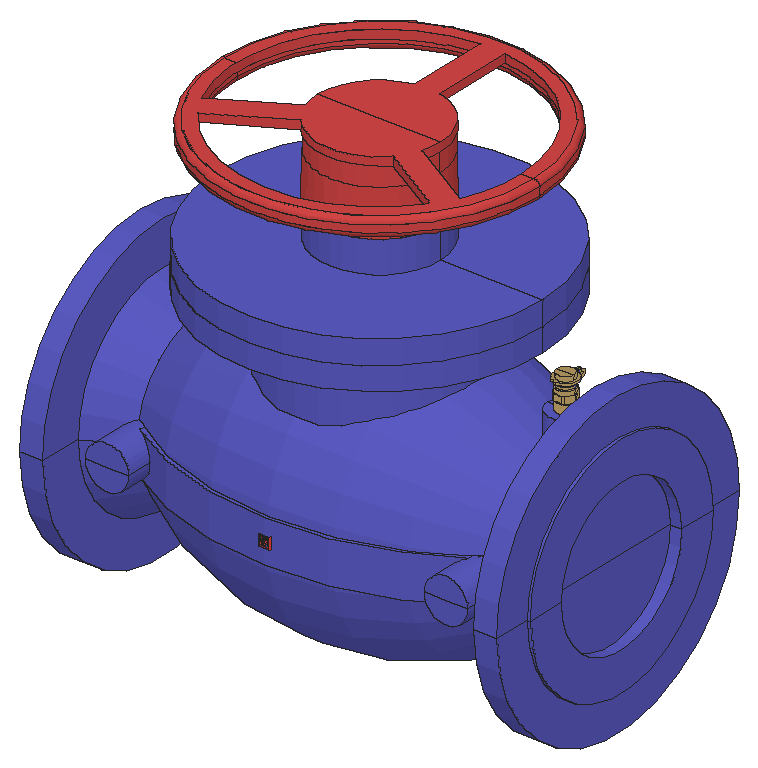
Revit family "Strangregulierventil für Differenzdruckmessung, Geradsitzform 4218 GF", category Rohrzubehör, Revit 2021
Family settings
  Bemaßung runder Anschluss = Durchmesser verwenden
  Teiletyp = Unterbricht
  OmniClass-Nummer = 23.65.55.14
  OmniClass-Titel = Valves for Liquid Services
  Arbeitsebenenbasiert = Nein
  Immer vertikal = Ja
  Beim Laden mit Abzugskörper schneiden = Nein
  Gemeinsam genutzt = Nein
Parameters
  kvs-Wert [instance] = if(Nennweite = 50.00 mm, 34.96, if(Nennweite = 65.00 mm, 66.94, if(Nennweite = 80.00 mm, 106.78, if(Nennweite = 100.00 mm, 169.45, if(Nennweite = 125.00 mm, 255.79, if(Nennweite = 150.00 mm, 389.54, if(Nennweite = 200.00 mm, 676.33, if(Nennweite = 250.00 mm, 1082.72, if(Nennweite = 300.00 mm, 1784.91, 0)))))))))  # 255.79
  Zählvorrichtung = "Kunststoff"  # constant formula
  W02 = 60.00°  # constant formula
  W01 = 85.00°  # constant formula
  Vorgabe-Ansicht = 0.00 mm
  Ventilkegel = "Grauguss GJL 250 nach EN 1561/ EPDM beschichtet"  # constant formula
  S01 [instance] = Nennweite + 10.00 mm  # 135.00 mm
  Regulierspindel = "Messing / Edelstahl"  # constant formula
  Oberteil = "Grauguss GJL 250 nach EN 1561"  # constant formula
  Spindel (bis DN100) = "Messing"  # constant formula
  O-Ringe = "EPDM"  # constant formula
  Gehäuse = "Grauguss GJL 250 nach EN 1561"  # constant formula
  URL = "www.herz-armaturen.at"
  SCRNSEQ = "ARM;ARM_TYP=\"STRV\";2"
  SCRNCODE = "05;07;02"  # constant formula
  R02 [instance] = size_lookup("4218_GF_", "R2", 1.00 mm, Nennweite)  # 15.00 mm
  R01 [instance] = size_lookup("4218_GF_", "R1", 1.00 mm, Nennweite)  # 18.00 mm
  Spindel (ab DN125) = "Edelstahl"  # constant formula
  Nennweite [instance] = 125.00 mm
  Medium = "Heizwasserqualität entsprechend ÖNORM H 5195 bzw. VDI Richtlinie 2035.\r\nEthylen und Propylenglykol können in einem Verhältnis von 25-50 vol. [%] gemischt werden."
  Max. Betriebstemperatur = 110 °C  # constant formula
  Min. Betriebstemperatur = -10 °C  # constant formula
  Max. Betriebsdruck = 1600000.0 Pa  # constant formula
  L04 [instance] = size_lookup("4218_GF_", "L4", 1.00 mm, Nennweite)  # 154.00 mm
  L03 [instance] = if(Nennweite = 50.00 mm, 48.00 mm, if(Nennweite = 65.00 mm, 52.00 mm, if(Nennweite = 80.00 mm, 60.00 mm, if(Nennweite = 100.00 mm, 75.00 mm, 15.00 mm))))  # 15.00 mm
  L02 [instance] = size_lookup("4218_GF_", "L2", 1.00 mm, Nennweite)  # 140.00 mm
  L01 [instance] = size_lookup("4218_GF_", "L1", 1.00 mm, Nennweite)  # 145.00 mm
  L00 [instance] = size_lookup("4218_GF_", "L", 1.00 mm, Nennweite)  # 400.00 mm
  Hersteller = "HERZ Armaturen Ges.m.b.H."  # constant formula
  H09 [instance] = H08 + H02  # 200.00 mm
  H08 [instance] = size_lookup("4218_GF_", "H8", 1.00 mm, Nennweite)  # 46.00 mm
  H07 [instance] = H02 + H06  # 174.00 mm
  H06 [instance] = size_lookup("4218_GF_", "H6", 1.00 mm, Nennweite)  # 20.00 mm
  H05 [instance] = size_lookup("4218_GF_", "H5", 1.00 mm, Nennweite)  # 100.00 mm
  H04 [instance] = H02 - H03  # 135.00 mm
  H03 [instance] = size_lookup("4218_GF_", "H3", 1.00 mm, Nennweite)  # 19.00 mm
  H02 [instance] = size_lookup("4218_GF_", "H2", 1.00 mm, Nennweite)  # 154.00 mm
  H01 [instance] = size_lookup("4218_GF_", "H1", 1.00 mm, Nennweite)  # 106.00 mm
  GT = 10.00 mm  # constant formula
  FLL02 [instance] = size_lookup("4218_GF_", "FLL2", 1.00 mm, Nennweite)  # 19.00 mm
  FLL01 [instance] = size_lookup("4218_GF_", "FLL1", 1.00 mm, Nennweite)  # 3.00 mm
  FLD03 [instance] = size_lookup("4218_GF_", "FLD3", 1.00 mm, Nennweite)  # 69.90 mm
  FLD02 [instance] = size_lookup("4218_GF_", "FLD2", 1.00 mm, Nennweite)  # 89.00 mm
  FLD01 [instance] = size_lookup("4218_GF_", "FLD1", 1.00 mm, Nennweite)  # 94.00 mm
  FLD00 [instance] = size_lookup("4218_GF_", "FLD", 1.00 mm, Nennweite)  # 125.00 mm
  Differenzdruckmessnung = "Das Strömax GF Strangregulierventil ist mit zwei Schnellmessventilen ausgestattet:\r\nBei Verwendung eines geeigneten Messgerätes kann der Differenzdruck gemessen und dadurch die jeweilige Durchflussmenge in Abhängigkeit der Einstellstufe ermittelt werden.\r\nAn den HERZ Messcomputern ist außerdem direkt die jeweilige Durchflussmenge ablesbar (siehe Gerätehandbuch).\r\nBei Verwendung von Frostschutzmittel ändert sich die Dichte des Medium, die bei Differenzdruckmessungen entsprechend zu berücksichtigen ist."
  DN80-DN100 [instance] = or(Nennweite = 80.00 mm, Nennweite = 100.00 mm)  # no
  DN80 [instance] = Nennweite = 80.00 mm  # no
  DN65 [instance] = Nennweite = 65.00 mm  # no
  DN50-DN65 [instance] = or(Nennweite = 50.00 mm, Nennweite = 65.00 mm)  # no
  DN50-DN100 [instance] = or(Nennweite = 50.00 mm, Nennweite = 65.00 mm, Nennweite = 80.00 mm, Nennweite = 100.00 mm)  # no
  DN50 [instance] = Nennweite = 50.00 mm  # no
  DN300 [instance] = Nennweite = 300.00 mm  # no
  DN250 [instance] = Nennweite = 250.00 mm  # no
  DN200-DN300 [instance] = or(Nennweite = 200.00 mm, Nennweite = 250.00 mm, Nennweite = 300.00 mm)  # no
  DN200 [instance] = Nennweite = 200.00 mm  # no
  DN150 [instance] = Nennweite = 150.00 mm  # no
  DN125-DN300 [instance] = or(Nennweite = 125.00 mm, Nennweite = 150.00 mm, Nennweite = 200.00 mm, Nennweite = 250.00 mm, Nennweite = 300.00 mm)  # yes
  DN125-DN150 [instance] = or(Nennweite = 125.00 mm, Nennweite = 150.00 mm)  # yes
  DN125 [instance] = Nennweite = 125.00 mm  # yes
  DN100 [instance] = Nennweite = 100.00 mm  # no
  D03 [instance] = size_lookup("4218_GF_", "D3", 1.00 mm, Nennweite)  # 50.50 mm
  D02 [instance] = size_lookup("4218_GF_", "D2", 1.00 mm, Nennweite)  # 135.00 mm
  D01 [instance] = size_lookup("4218_GF_", "D1", 1.00 mm, Nennweite)  # 86.00 mm
  D00 [instance] = size_lookup("4218_GF_", "D", 1.00 mm, Nennweite)  # 117.00 mm
  Bestellnummer [instance] = size_lookup("4218_GF_", "Artnr", 0, Nennweite)  # 1421884
  BH02 [instance] = -BH01  # -17.50 mm
  BH01 [instance] = size_lookup("4218_GF_", "BH1", 1.00 mm, Nennweite)  # 17.50 mm
  Ausführung = "Geradsitzform, Gehäuse Grauguss GJL 250 nach EN 1561, Flansche nach EN 1092, PN 16, blau lackiert.\r\nVentiloberteil Grauguss GJL 250, mit nicht steigender Spindel, Spindelabdichtung durch Drei-fach-O-Ring.\r\nDigitale Anzeige der Voreinstellstuffe."
  Anwendungen = "Zum hydraulischenAbgleich in Heiz- oder Kühlanlagen, Einregulieren und Absperren von Verteilleitungen, Strängen, Wärmetauschern, Heiz- und Kühlregistern."
  Anschluss [instance] = Nennweite / 2  # 62.50 mm
Reference planes
  plane 1 "Mitte (Vorne/hinten)": y = 0
  plane 2: z = 0
  plane 3 "Mitte (Links/rechts)": x = 0
Forms (mm)
  Revolve 1, solid, material "Herz-Marineblau", detail levels fine
    sketch origin (1058.943, 0, 0) x (1, 0, 0) y (0, 1, 0)
      loop
        line (-1255.943, 125) -> (-1255.943, 94) -> (-1258.943, 94) -> (-1258.943, 62.5) -> (-1248.943, 62.5) -> (-1248.943, 0) -> (-868.943, 0) -> (-868.943, 62.5) -> (-858.943, 62.5) -> (-858.943, 94) -> (-861.943, 94) -> (-861.943, 125) -> (-880.943, 125) -> (-880.943, 89) -> (-913.943, 69.9)
        arc (-913.943, 69.9) -> (-1058.943, 117) -> (-1203.943, 69.9) r 246.745
        line (-1203.943, 69.9) -> (-1236.943, 89) -> (-1236.943, 125) -> (-1255.943, 125)
      axis (-1258.943, 0) -> (-858.943, 0)
    angle from 0 to 360
  Revolve 2, solid, material "Herz-Marineblau", detail levels fine
    sketch origin (0, 0, 0) x (1, 0, 0) y (0, 1, 0)
      loop
        line (-140, 106) -> (-158, 106) -> (-158, -106) -> (-140, -106) -> (-140, 106)
      axis (-140, 106) -> (-140, -106)
    angle from 0 to 360
  Revolve 3, solid, material "Herz-Marineblau", detail levels fine
    sketch origin (0, 0, 0) x (-1, 0, 0) y (0, 1, 0)
      loop
        line (-140, 106) -> (-158, 106) -> (-158, -106) -> (-140, -106) -> (-140, 106)
      axis (-140, 106) -> (-140, -106)
    angle from 0 to 360
  Revolve 4, solid, material "Herz-Marineblau", visible <- "DN125-DN300", detail levels fine
    sketch origin (0, 0, 0) x (1, 0, 0) y (0, 0, 1)
      loop
        line (0, 0) -> (0, 154) -> (-135, 154) -> (-135, 135) -> (-86, 135) -> (-86, 0) -> (0, 0)
      axis (0, 154) -> (0, 0)
    angle from 0 to 360
  Revolve 5, solid, material "Herz-Marineblau", visible <- "DN50-DN100", detail levels fine
    sketch origin (0, 0, 0) x (1, 0, 0) y (0, 0, 1)
      loop
        line (0, 0) -> (0, 135) -> (-86, 135) -> (-86, 0) -> (0, 0)
      axis (0, 135) -> (0, 0)
    angle from 0 to 360
  Extrusion 6, solid, material "Herz-Marineblau", visible <- "DN50-DN100", detail levels fine
    sketch origin (0, 0, 0) x (1, 0, 0) y (0, 1, 0)
      loop
        line (0, 135) -> (-15, 133.688) -> (-133.688, 15) -> (-135, 0) -> (-133.688, -15) -> (-15, -133.688) -> (0, -135) -> (15, -133.688) -> (133.688, -15) -> (135, 0) -> (133.688, 15) -> (15, 133.688) -> (0, 135)
    from 135 <- "H04" to 154 <- "H02"
  Revolve 7, solid, material "Herz-Marineblau", detail levels fine
    sketch origin (0, 0, 0) x (1, 0, 0) y (0, 0, 1)
      loop
        line (-154, 0) -> (-154, 100) -> (-169, 100) -> (-169, 0) -> (-154, 0)
      axis (-154, 100) -> (-154, 0)
    angle from 0 to 360
  Revolve 8, solid, material "Herz-Marineblau", detail levels fine
    sketch origin (0, 0, 0) x (-1, 0, 0) y (0, 0, 1)
      loop
        line (-154, 0) -> (-154, 100) -> (-169, 100) -> (-169, 0) -> (-154, 0)
      axis (-154, 100) -> (-154, 0)
    angle from 0 to 360
  Extrusion 9, solid, material "Herz-Marineblau", visible <- "DN50", detail levels fine
    sketch origin (0, 0, 0) x (1, 0, 0) y (0, 1, 0)
      loop
        line (-75, 27.444) -> (-75, -27.444)
        arc (-75, -27.444) -> (0, -55) -> (75, -27.444) r 115.842
        line (75, -27.444) -> (75, 27.444)
        arc (75, 27.444) -> (0, 55) -> (-75, 27.444) r 115.842
    from -17.5 <- "BH02" to 17.5 <- "BH01"
  Extrusion 10, solid, material "Herz-Marineblau", visible <- "DN65", detail levels fine
    sketch origin (0, 0, 0) x (1, 0, 0) y (0, 1, 0)
      loop
        arc (-89, -45.667) -> (0, -68.022) -> (89, -45.667) r 188.34
        line (89, -45.667) -> (89, 45.667)
        arc (89, 45.667) -> (0, 68.022) -> (-89, 45.667) r 188.34
        line (-89, 45.667) -> (-89, -45.667)
    from -17.5 <- "BH02" to 17.5 <- "BH01"
  Extrusion 11, solid, material "Herz-Marineblau", visible <- "DN80", detail levels fine
    sketch origin (0, 0, 0) x (1, 0, 0) y (0, 1, 0)
      loop
        arc (-100, -48.604) -> (0, -75.01) -> (100, -48.604) r 202.557
        line (100, -48.604) -> (100, 48.604)
        arc (100, 48.604) -> (0, 75.01) -> (-100, 48.604) r 202.557
        line (-100, 48.604) -> (-100, -48.604)
    from -17.5 <- "BH02" to 17.5 <- "BH01"
  Extrusion 12, solid, material "Herz-Marineblau", visible <- "DN100", detail levels fine
    sketch origin (0, 0, 0) x (1, 0, 0) y (0, 1, 0)
      loop
        arc (-118, -60.889) -> (0, -83.721) -> (118, -60.889) r 316.34
        line (118, -60.889) -> (118, 60.889)
        arc (118, 60.889) -> (0, 83.721) -> (-118, 60.889) r 316.34
        line (-118, 60.889) -> (-118, -60.889)
    from -17.5 <- "BH02" to 17.5 <- "BH01"
  Extrusion 13, solid, material "Herz-Marineblau", visible <- "DN125", detail levels fine
    sketch origin (0, 0, 0) x (1, 0, 0) y (0, 1, 0)
      loop
        arc (-140, -75.261) -> (0, -118.541) -> (140, -75.261) r 248.073
        line (140, -75.261) -> (140, 75.261)
        arc (140, 75.261) -> (0, 118.541) -> (-140, 75.261) r 248.073
        line (-140, 75.261) -> (-140, -75.261)
    from -17.5 <- "BH02" to 17.5 <- "BH01"
  Extrusion 14, solid, material "Herz-Marineblau", visible <- "DN150", detail levels fine
    sketch origin (0, 0, 0) x (1, 0, 0) y (0, 1, 0)
      loop
        arc (-170, -94.727) -> (0, -138.5) -> (170, -94.727) r 352.003
        line (170, -94.727) -> (170, 94.727)
        arc (170, 94.727) -> (0, 138.5) -> (-170, 94.727) r 352.003
        line (-170, 94.727) -> (-170, -94.727)
    from -17.5 <- "BH02" to 17.5 <- "BH01"
  Extrusion 15, solid, material "Herz-Marineblau", visible <- "DN200", detail levels fine
    sketch origin (0, 0, 0) x (1, 0, 0) y (0, 1, 0)
      loop
        arc (-200, -127.319) -> (0, -163.032) -> (200, -127.319) r 577.879
        line (200, -127.319) -> (200, 127.319)
        arc (200, 127.319) -> (0, 163.032) -> (-200, 127.319) r 577.879
        line (-200, 127.319) -> (-200, -127.319)
    from -17.5 <- "BH02" to 17.5 <- "BH01"
  Extrusion 16, solid, material "Herz-Marineblau", visible <- "DN250", detail levels fine
    sketch origin (0, 0, 0) x (1, 0, 0) y (0, 1, 0)
      loop
        arc (-250, -153.89) -> (0, -191.531) -> (250, -153.89) r 849.033
        line (250, -153.89) -> (250, 153.89)
        arc (250, 153.89) -> (0, 191.531) -> (-250, 153.89) r 849.033
        line (-250, 153.89) -> (-250, -153.89)
    from -17.5 <- "BH02" to 17.5 <- "BH01"
  Extrusion 17, solid, material "Herz-Marineblau", visible <- "DN300", detail levels fine
    sketch origin (0, 0, 0) x (1, 0, 0) y (0, 1, 0)
      loop
        arc (-300, -192.377) -> (0, -268.099) -> (300, -192.377) r 632.133
        line (300, -192.377) -> (300, 192.377)
        arc (300, 192.377) -> (0, 268.099) -> (-300, 192.377) r 632.133
        line (-300, 192.377) -> (-300, -192.377)
    from -17.5 <- "BH02" to 17.5 <- "BH01"
  Extrusion 18, solid, material "Herz-Marineblau", visible <- "DN50-DN100", detail levels fine
    sketch origin (0, 0, 0) x (1, 0, 0) y (0, 1, 0)
      loop
        line (0, 135) -> (-15, 133.688) -> (-133.688, 15) -> (-135, 0) -> (-133.688, -15) -> (-15, -133.688) -> (0, -135) -> (15, -133.688) -> (133.688, -15) -> (135, 0) -> (133.688, 15) -> (15, 133.688) -> (0, 135)
    from 154 <- "H02" to 174 <- "H07"
  Revolve 19, solid, material "Herz-Marineblau", visible <- "DN125-DN300", detail levels fine
    sketch origin (0, 0, 0) x (1, 0, 0) y (0, 0, 1)
      loop
        line (0, 154) -> (0, 200) -> (-50.5, 200) -> (-50.5, 174) -> (-135, 174) -> (-135, 154) -> (0, 154)
      axis (0, 200) -> (0, 154)
    angle from 0 to 360
  Revolve 20, solid, material "Herz-Marineblau", visible <- "DN50-DN100", detail levels fine
    sketch origin (0, 0, 0) x (1, 0, 0) y (0, 0, 1)
      loop
        line (0, 174) -> (0, 200) -> (-50.5, 200) -> (-50.5, 174) -> (0, 174)
      axis (0, 200) -> (0, 174)
    angle from 0 to 360
Lines and regions (mm)
  model lines, detail levels coarse+medium
    curve 1: line (-200, 0, 125) -> (-200, 0, -125)
    curve 2: line (-200, 0, -125) -> (200, 0, 125)
    curve 3: line (200, 0, 125) -> (200, 0, -125)
    curve 4: line (200, 0, -125) -> (-200, 0, 125)
    curve 5: line (0, 0, 0) -> (115.47, 0, 200)
    curve 6: line (57.013, 0, 233.75) -> (173.927, 0, 166.25)
    curve 7: line (-200, 125, 0) -> (-200, -125, 0)
    curve 8: line (-200, -125, 0) -> (200, 125, 0)
    curve 9: line (200, 125, 0) -> (200, -125, 0)
    curve 10: line (200, -125, 0) -> (-200, 125, 0)
    curve 11: line (0, 0, 0) -> (115.47, 200, 0)
    curve 12: line (57.013, 233.75, 0) -> (173.927, 166.25, 0)
Dimensions and locks
  "FLD00": plane 1 "Mitte (Vorne/hinten)" to Revolve 1 sketch curve
  "FLD01": plane 1 "Mitte (Vorne/hinten)" to Revolve 1 sketch curve
  "FLD02": plane 1 "Mitte (Vorne/hinten)" to Revolve 1 sketch curve  (x2)
  "FLD03": plane 1 "Mitte (Vorne/hinten)" to Revolve 1 sketch curve  (x2)
  "GT": Revolve 1 sketch curve to Revolve 1 sketch curve  (x2)
  "FLL01": Revolve 1 sketch curve to Revolve 1 sketch curve  (x2)
  "FLL02": Revolve 1 sketch curve to Revolve 1 sketch curve  (x2)
  equal spacing: Revolve 1 sketch curve, plane 3 "Mitte (Links/rechts)", Revolve 1 sketch curve
  "Anschluss": Revolve 1 sketch curve to plane 1 "Mitte (Vorne/hinten)"
  "Anschluss": plane 1 "Mitte (Vorne/hinten)" to Revolve 1 sketch curve
  "FLD01": Revolve 1 sketch curve to plane 1 "Mitte (Vorne/hinten)"
  "FLD00": Revolve 1 sketch curve to plane 1 "Mitte (Vorne/hinten)"
  "L00": Revolve 1 sketch curve to Revolve 1 sketch curve
  "D00": plane 1 "Mitte (Vorne/hinten)" to Revolve 1 sketch curve
  "L01": Revolve 1 sketch curve to plane 3 "Mitte (Links/rechts)" to Revolve 1 sketch curve
  "L02": Revolve 2 sketch curve to plane 3 "Mitte (Links/rechts)"
  "R01": Revolve 2 sketch curve to Revolve 2 sketch curve
  "H01": Revolve 2 sketch curve to plane 1 "Mitte (Vorne/hinten)" to Revolve 2 sketch curve
  "L02": plane 3 "Mitte (Links/rechts)" to Revolve 3 sketch curve
  "R01": Revolve 3 sketch curve to Revolve 3 sketch curve
  "H01": Revolve 3 sketch curve to plane 1 "Mitte (Vorne/hinten)" to Revolve 3 sketch curve
  "H02": Revolve 4 sketch curve to plane 2
  "D01": Revolve 4 sketch curve to Revolve 4 sketch curve
  "D02": Revolve 4 sketch curve to Revolve 4 sketch curve
  "H03": Revolve 4 sketch curve to Revolve 4 sketch curve
  "H04": Revolve 5 sketch curve to plane 2
  "D01": Revolve 5 sketch curve to Revolve 5 sketch curve
  "D02": Extrusion 6 sketch curve to plane 3 "Mitte (Links/rechts)" to Extrusion 6 sketch curve
  "D02": Extrusion 6 sketch curve to plane 1 "Mitte (Vorne/hinten)" to Extrusion 6 sketch curve
  "L03": Extrusion 6 sketch curve to plane 3 "Mitte (Links/rechts)"  (x2)
  "L03": plane 3 "Mitte (Links/rechts)" to Extrusion 6 sketch curve  (x2)
  "L03": plane 1 "Mitte (Vorne/hinten)" to Extrusion 6 sketch curve  (x2)
  "L03": Extrusion 6 sketch curve to plane 1 "Mitte (Vorne/hinten)"  (x2)
  "L04": plane 3 "Mitte (Links/rechts)" to Revolve 7 sketch curve
  "R02": Revolve 7 sketch curve to Revolve 7 sketch curve
  "H05": Revolve 7 sketch curve to plane 2
  "R02": Revolve 8 sketch curve to Revolve 8 sketch curve
  "L04": Revolve 8 sketch curve to plane 3 "Mitte (Links/rechts)"
  "H05": Revolve 8 sketch curve to plane 2
  "L04": plane 3 "Mitte (Links/rechts)" to nested 1
  "L04": nested 2 to plane 3 "Mitte (Links/rechts)"
  "H05": nested 1 to plane 2
  "H05": nested 2 to plane 2
  "L03": Extrusion 18 sketch curve to plane 3 "Mitte (Links/rechts)"  (x2)
  "L03": plane 3 "Mitte (Links/rechts)" to Extrusion 18 sketch curve  (x2)
  "L03": plane 1 "Mitte (Vorne/hinten)" to Extrusion 18 sketch curve  (x2)
  "L03": Extrusion 18 sketch curve to plane 1 "Mitte (Vorne/hinten)"  (x2)
  "D02": Extrusion 18 sketch curve to plane 3 "Mitte (Links/rechts)" to Extrusion 18 sketch curve
  "D02": Extrusion 18 sketch curve to plane 1 "Mitte (Vorne/hinten)" to Extrusion 18 sketch curve
  "H02": Revolve 19 sketch curve to plane 2
  "H06": Revolve 19 sketch curve to Revolve 19 sketch curve
  "H08": Revolve 19 sketch curve to Revolve 19 sketch curve
  "D03": Revolve 19 sketch curve to Revolve 19 sketch curve
  "D02": Revolve 19 sketch curve to Revolve 19 sketch curve
  "D03": Revolve 20 sketch curve to Revolve 20 sketch curve
  "H07": Revolve 20 sketch curve to plane 2
  "H08": Revolve 20 sketch curve to Extrusion 18
  "H09": nested 12 to plane 2
  "H09": nested 13 to plane 2
  "H09": nested 14 to plane 2
  "H09": nested 15 to plane 2
  "FLD00": curve 4 to plane 2 to curve 2
  "FLD00": curve 3 to plane 2 to curve 4
  equal spacing: curve 1, plane 3 "Mitte (Links/rechts)", curve 3
  "L00": curve 1 to curve 3
  "H09": curve 5 to plane 2
  equal spacing: curve 1, curve 5, curve 3
  equal spacing: curve 6, curve 5, curve 6
  "S01": curve 6 to curve 6
  "FLD00": curve 8 to plane 1 "Mitte (Vorne/hinten)" to curve 10
  "FLD00": curve 10 to plane 1 "Mitte (Vorne/hinten)" to curve 9
  equal spacing: curve 7, plane 3 "Mitte (Links/rechts)", curve 9
  "L00": curve 7 to curve 9
  equal spacing: curve 7, curve 11, curve 9
  "H09": plane 1 "Mitte (Vorne/hinten)" to curve 11
  equal spacing: curve 12, curve 11, curve 12
  "S01": curve 12 to curve 12
  "W01": angle Extrusion 6 sketch curve to plane 3 "Mitte (Links/rechts)"  (x2)
  "W01": angle plane 3 "Mitte (Links/rechts)" to Extrusion 6 sketch curve  (x2)
  "W01": angle Extrusion 6 sketch curve to plane 1 "Mitte (Vorne/hinten)"  (x2)
  "W01": angle plane 1 "Mitte (Vorne/hinten)" to Extrusion 6 sketch curve  (x2)
  "W01": angle plane 1 "Mitte (Vorne/hinten)" to Extrusion 18 sketch curve  (x2)
  "W01": angle Extrusion 18 sketch curve to plane 1 "Mitte (Vorne/hinten)"  (x2)
  "W01": angle Extrusion 18 sketch curve to plane 3 "Mitte (Links/rechts)"  (x2)
  "W01": angle plane 3 "Mitte (Links/rechts)" to Extrusion 18 sketch curve  (x2)
  "W02": angle plane 2 to curve 5
  "W02": angle plane 1 "Mitte (Vorne/hinten)" to curve 11
  aligned and locked: level to plane 2
Automatic sketch dimensions
  Extrusion 9 sketch curve to plane 3 "Mitte (Links/rechts)" = 0.00 mm  (x2)
  Extrusion 9 sketch curve to plane 1 "Mitte (Vorne/hinten)" = 27.444 mm  (x2)
  Extrusion 9 sketch curve to plane 3 "Mitte (Links/rechts)" = 75.00 mm
  plane 1 "Mitte (Vorne/hinten)" to Extrusion 9 sketch curve = 60.843 mm
  Extrusion 9 sketch curve to plane 1 "Mitte (Vorne/hinten)" = 60.843 mm
  plane 1 "Mitte (Vorne/hinten)" to Extrusion 9 sketch curve = 27.444 mm
  Extrusion 10 sketch curve to plane 3 "Mitte (Links/rechts)" = 0.00 mm  (x2)
  plane 1 "Mitte (Vorne/hinten)" to Extrusion 10 sketch curve = 45.667 mm
  Extrusion 10 sketch curve to plane 3 "Mitte (Links/rechts)" = 89.00 mm
  Extrusion 10 sketch curve to Extrusion 10 sketch curve = 74.651 mm
  Extrusion 10 sketch curve to plane 1 "Mitte (Vorne/hinten)" = 120.318 mm
  Extrusion 10 sketch curve to plane 1 "Mitte (Vorne/hinten)" = 45.667 mm  (x2)
  Extrusion 11 sketch curve to plane 3 "Mitte (Links/rechts)" = 0.00 mm  (x2)
  plane 1 "Mitte (Vorne/hinten)" to Extrusion 11 sketch curve = 48.604 mm  (x2)
  Extrusion 11 sketch curve to plane 3 "Mitte (Links/rechts)" = 100.00 mm
  Extrusion 11 sketch curve to Extrusion 11 sketch curve = 78.943 mm
  Extrusion 11 sketch curve to plane 1 "Mitte (Vorne/hinten)" = 127.547 mm
  Extrusion 11 sketch curve to plane 1 "Mitte (Vorne/hinten)" = 48.604 mm
  Extrusion 12 sketch curve to plane 3 "Mitte (Links/rechts)" = 0.00 mm  (x2)
  Extrusion 12 sketch curve to plane 1 "Mitte (Vorne/hinten)" = 60.889 mm  (x2)
  Extrusion 12 sketch curve to plane 3 "Mitte (Links/rechts)" = 118.00 mm
  plane 1 "Mitte (Vorne/hinten)" to Extrusion 12 sketch curve = 232.619 mm
  Extrusion 12 sketch curve to Extrusion 12 sketch curve = 171.731 mm
  plane 1 "Mitte (Vorne/hinten)" to Extrusion 12 sketch curve = 60.889 mm
  Extrusion 13 sketch curve to plane 3 "Mitte (Links/rechts)" = 0.00 mm  (x2)
  Extrusion 13 sketch curve to plane 1 "Mitte (Vorne/hinten)" = 75.261 mm  (x2)
  Extrusion 13 sketch curve to plane 3 "Mitte (Links/rechts)" = 140.00 mm
  plane 1 "Mitte (Vorne/hinten)" to Extrusion 13 sketch curve = 129.532 mm
  Extrusion 13 sketch curve to plane 1 "Mitte (Vorne/hinten)" = 129.532 mm
  plane 1 "Mitte (Vorne/hinten)" to Extrusion 13 sketch curve = 75.261 mm
  Extrusion 14 sketch curve to plane 3 "Mitte (Links/rechts)" = 0.00 mm  (x2)
  plane 1 "Mitte (Vorne/hinten)" to Extrusion 14 sketch curve = 94.727 mm  (x2)
  Extrusion 14 sketch curve to plane 3 "Mitte (Links/rechts)" = 170.00 mm
  Extrusion 14 sketch curve to Extrusion 14 sketch curve = 118.776 mm
  Extrusion 14 sketch curve to plane 1 "Mitte (Vorne/hinten)" = 213.503 mm
  Extrusion 14 sketch curve to plane 1 "Mitte (Vorne/hinten)" = 94.727 mm
  Extrusion 15 sketch curve to plane 3 "Mitte (Links/rechts)" = 0.00 mm  (x2)
  Extrusion 15 sketch curve to plane 1 "Mitte (Vorne/hinten)" = 127.319 mm  (x2)
  Extrusion 15 sketch curve to plane 3 "Mitte (Links/rechts)" = 200.00 mm
  plane 1 "Mitte (Vorne/hinten)" to Extrusion 15 sketch curve = 414.847 mm
  Extrusion 15 sketch curve to Extrusion 15 sketch curve = 287.528 mm
  plane 1 "Mitte (Vorne/hinten)" to Extrusion 15 sketch curve = 127.319 mm
  Extrusion 16 sketch curve to plane 3 "Mitte (Links/rechts)" = 0.00 mm  (x2)
  Extrusion 16 sketch curve to plane 1 "Mitte (Vorne/hinten)" = 153.89 mm  (x2)
  Extrusion 16 sketch curve to plane 3 "Mitte (Links/rechts)" = 250.00 mm
  plane 1 "Mitte (Vorne/hinten)" to Extrusion 16 sketch curve = 657.503 mm
  Extrusion 16 sketch curve to Extrusion 16 sketch curve = 503.613 mm
  plane 1 "Mitte (Vorne/hinten)" to Extrusion 16 sketch curve = 153.89 mm
  Extrusion 17 sketch curve to plane 3 "Mitte (Links/rechts)" = 0.00 mm  (x2)
  Extrusion 17 sketch curve to plane 1 "Mitte (Vorne/hinten)" = 192.377 mm  (x2)
  Extrusion 17 sketch curve to plane 3 "Mitte (Links/rechts)" = 300.00 mm
  plane 1 "Mitte (Vorne/hinten)" to Extrusion 17 sketch curve = 364.034 mm
  Extrusion 17 sketch curve to Extrusion 17 sketch curve = 171.657 mm
  plane 1 "Mitte (Vorne/hinten)" to Extrusion 17 sketch curve = 192.377 mm
  plane 1 "Mitte (Vorne/hinten)" to Revolve 1 sketch curve = 0.00 mm  (x2)
  Revolve 1 sketch curve to Revolve 1 sketch curve = 35.00 mm
  Revolve 1 sketch curve to Revolve 1 sketch curve = 40.00 mm
  Revolve 2 sketch curve to Revolve 2 sketch curve = 0.00 mm  (x3)
  Revolve 3 sketch curve to Revolve 3 sketch curve = 0.00 mm  (x3)
  Revolve 4 sketch curve to level = 0.00 mm
  Revolve 4 sketch curve to plane 3 "Mitte (Links/rechts)" = 0.00 mm  (x2)
  Revolve 4 sketch curve to Revolve 4 sketch curve = 366.045 mm
  Revolve 4 sketch curve to Revolve 4 sketch curve = 2169.315 mm
  Revolve 5 sketch curve to level = 0.00 mm
  Revolve 5 sketch curve to plane 3 "Mitte (Links/rechts)" = 0.00 mm  (x2)
  Revolve 5 sketch curve to Revolve 5 sketch curve = 366.045 mm
  Revolve 5 sketch curve to Revolve 5 sketch curve = 2147.315 mm
  Extrusion 6 sketch curve to plane 3 "Mitte (Links/rechts)" = 0.00 mm  (x2)
  plane 1 "Mitte (Vorne/hinten)" to Extrusion 6 sketch curve = 0.00 mm  (x2)
  Revolve 7 sketch curve to level = 0.00 mm  (x2)
  Revolve 7 sketch curve to Revolve 7 sketch curve = 0.00 mm  (x2)
  Revolve 8 sketch curve to level = 0.00 mm  (x2)
  Revolve 8 sketch curve to Revolve 8 sketch curve = 0.00 mm  (x2)
  Extrusion 18 sketch curve to plane 3 "Mitte (Links/rechts)" = 0.00 mm  (x2)
  plane 1 "Mitte (Vorne/hinten)" to Extrusion 18 sketch curve = 0.00 mm  (x2)
  Revolve 19 sketch curve to plane 3 "Mitte (Links/rechts)" = 0.00 mm  (x2)
  Revolve 19 sketch curve to level = 366.045 mm
  Revolve 19 sketch curve to Revolve 19 sketch curve = 2105.315 mm
  Revolve 20 sketch curve to plane 3 "Mitte (Links/rechts)" = 0.00 mm  (x2)
  Revolve 20 sketch curve to level = 366.045 mm
  Revolve 20 sketch curve to Revolve 20 sketch curve = 2105.315 mm
Nested families
  nested 1: "Messstutzen_Band_Eintritt_senkrecht_(oben)" at (-154, 0, 91), type "Messstutzen_Band_Eintritt_senkrecht_(oben)", detail levels fine
    with Schutzkappe yes, Nennweite 0.00 mm, Gewicht 0.00 kg, Bestellnummer 0
  nested 2: "Messstutzen_Band_Austritt_senkrecht_(oben)" at (154, 0, 91), type "Messstutzen_Band_Austritt_senkrecht_(oben)", detail levels fine
    with Schutzkappe yes, Nennweite 0.00 mm, Gewicht 0.00 kg, Bestellnummer 0
  nested 3: "Herz-Logo-vorne" at (0, -55, 0) x (0, 1, 0) z (0, 0, 1), visible <- "DN50", type "Herz-Logo-vorne", detail levels fine
  nested 4: "Herz-Logo-vorne" at (0, -68.004, 0) x (0, 1, 0) z (0, 0, 1), visible <- "DN65", type "Herz-Logo-vorne", detail levels fine
  nested 5: "Herz-Logo-vorne" at (0, -74.992, 0) x (0, 1, 0) z (0, 0, 1), visible <- "DN80", type "Herz-Logo-vorne", detail levels fine
  nested 6: "Herz-Logo-vorne" at (0, -83.721, 0) x (0, 1, 0) z (0, 0, 1), visible <- "DN100", type "Herz-Logo-vorne", detail levels fine
  nested 7: "Herz-Logo-vorne" at (0, -118.541, 0) x (0, 1, 0) z (0, 0, 1), visible <- "DN125", type "Herz-Logo-vorne", detail levels fine
  nested 8: "Herz-Logo-vorne" at (0, -138.5, 0) x (0, 1, 0) z (0, 0, 1), visible <- "DN150", type "Herz-Logo-vorne", detail levels fine
  nested 9: "Herz-Logo-vorne" at (0, -163.032, 0) x (0, 1, 0) z (0, 0, 1), visible <- "DN200", type "Herz-Logo-vorne", detail levels fine
  nested 10: "Herz-Logo-vorne" at (0, -191.513, 0) x (0, 1, 0) z (0, 0, 1), visible <- "DN250", type "Herz-Logo-vorne", detail levels fine
  nested 11: "Herz-Logo-vorne" at (0, -268.082, 0) x (0, 1, 0) z (0, 0, 1), visible <- "DN300", type "Herz-Logo-vorne", detail levels fine
  nested 12: "Strangregulierventil-Handrad_VOLL-Gerade (Rot) DN50-DN65" at (0, 0, 200), visible <- "DN50-DN65", type "Strangregulierventil-Handrad_VOLL-Gerade (Rot) DN50-DN65", detail levels fine
  nested 13: "Strangregulierventil-Handrad_VOLL-Gerade (Rot) DN80-DN100" at (0, 0, 200), visible <- "DN80-DN100", type "Strangregulierventil-Handrad_VOLL-Gerade (Rot) DN80-DN100", detail levels fine
  nested 14: "Strangregulierventil-Handrad_VOLL-Gerade (Rot) DN125-DN150" at (0, 0, 200), visible <- "DN125-DN150", type "Strangregulierventil-Handrad_VOLL-Gerade (Rot) DN125-DN150", detail levels fine
  nested 15: "Strangregulierventil-Handrad_VOLL-Gerade (Rot) DN200-DN300" at (0, 0, 200), visible <- "DN200-DN300", type "Strangregulierventil-Handrad_VOLL-Gerade (Rot) DN200-DN300", detail levels fine
    with DN300 yes
Connectors
  piping at (-200, 0, 0), diameter 125, driven by "Nennweite"
    settings: on Revolve 1, index 1, connector inside diameter 609.6 mm, connector length 0.00 mm, flow factor 0, pipe flow 0.0 L/s, pressure drop 0.0 Pa, fitting loss kfactor 0, connector angle 0.00°, fixture units 0, engagement length 0.00 mm, angle of deflection 0.00°, flow configuration 0, flow direction 1, fitting loss method 0, system type 29, joint type 0, gender type 0, connector reference index -1, connector utility 0, adjustable connector no, is connector primary yes, connector description ""
  piping at (200, 0, 0), diameter 125, driven by "Nennweite"
    settings: on Revolve 1, index 2, connector inside diameter 609.6 mm, connector length 0.00 mm, flow factor 0, pipe flow 0.0 L/s, pressure drop 0.0 Pa, fitting loss kfactor 0, connector angle 0.00°, fixture units 0, engagement length 0.00 mm, angle of deflection 0.00°, flow configuration 0, flow direction 2, fitting loss method 0, system type 29, joint type 0, gender type 0, connector reference index -1, connector utility 0, adjustable connector no, is connector primary no, connector description ""
Definition of nested family "Messstutzen_Band_Eintritt_senkrecht_(oben)"
  Parameters (values of type "Messstutzen_Band_Eintritt_senkrecht_(oben)")
    Default Elevation = 0.00 mm
    URL = "www.herz-armaturen.at"
    Schutzkappe [instance] = yes
    Nennweite [instance] = 0.00 mm
    Manufacturer = "Herz Armaturen GmbH"  # constant formula
    Gewicht [instance] = 0.00 kg
    Bestellnummer [instance] = 0
  Reference planes
    plane 1 "Mitte (Vorne/hinten)": y = 0
    plane 2: z = 0
    plane 3 "Mitte (Links/rechts)": x = 0
    plane 4 "Schlaufe 1": z = -27
    plane 5 "Schlaufe 2": z = -31.678
  Forms (mm)
    Revolve 1, solid, detail levels fine
      sketch origin (0, 0, 0) x (1, 0, 0) y (0, 0, 1)
        loop
          line (-7.4, 9) -> (-5.55, 9) -> (-5.55, 6)
          arc (-5.55, 6) -> (-5.626, 5.617) -> (-5.843, 5.293) r 1
          line (-5.843, 5.293) -> (-6.455, 4.681) -> (-6.455, 0.9) -> (-5.555, 0) -> (-2, 0) -> (-2, 17.5) -> (-8.4, 17.5)
          arc (-8.4, 17.5) -> (-7.693, 17.207) -> (-7.4, 16.5) r 1
          line (-7.4, 16.5) -> (-7.4, 9)
        loop
          line (-3.7, 27) -> (-7.3, 27) -> (-7.9, 26.4) -> (-7.9, 23) -> (-2, 23) -> (-2, 35.8) -> (-3.805, 35.8) -> (-4.415, 35.19) -> (-4.415, 30.863) -> (-3.7, 30.45) -> (-3.7, 27)
        axis (0, 0) -> (0, 35.8)
      angle from 0 to 360
    Extrusion 2, solid, detail levels fine
      sketch origin (0, 0, 17.5) x (0, 1, 0) y (-1, 0, 0)
        loop
          arc (-7.07, 5.156) -> (-7.578, 4.375) -> (-8, 3.544) r 8.75
          line (-8, 3.544) -> (-8, -3.544)
          arc (-8, -3.544) -> (-7.578, -4.375) -> (-7.07, -5.156) r 8.75
          line (-7.07, -5.156) -> (-0.93, -8.7)
          arc (-0.93, -8.7) -> (0, -8.75) -> (0.93, -8.7) r 8.75
          line (0.93, -8.7) -> (7.07, -5.156)
          arc (7.07, -5.156) -> (7.578, -4.375) -> (8, -3.544) r 8.75
          line (8, -3.544) -> (8, 3.544)
          arc (8, 3.544) -> (7.578, 4.375) -> (7.07, 5.156) r 8.75
          line (7.07, 5.156) -> (0.93, 8.7)
          arc (0.93, 8.7) -> (0, 8.75) -> (-0.93, 8.7) r 8.75
          line (-0.93, 8.7) -> (-7.07, 5.156)
      from 0 to 5.5
    Revolve 3, solid, visible <- "Schutzkappe", detail levels fine
      sketch origin (0, 0, 0) x (1, 0, 0) y (0, 0, 1)
        loop
          line (0, 35.878) -> (0, 36.678) -> (-7, 36.678) -> (-7, 33.378) -> (-6.1, 33.378) -> (-6.1, 31.678) -> (-6.9, 31.678) -> (-6.9, 30.178) -> (-4.415, 30.178) -> (-4.415, 35.268) -> (-3.805, 35.878) -> (0, 35.878)
        axis (0, 30.178) -> (0, 36.678)
      angle from 0 to 360
    Extrusion 4, solid, detail levels fine
      sketch origin (0, 0, 28.5) x (1, 0, 0) y (0, 1, 0)
        loop
          circle (0, 0) r 3.7
        loop
          arc (-3.906, 5.505) -> (0, -6.75) -> (3.906, 5.505) r 6.75
          arc (3.906, 5.505) -> (2.358, 7.288) -> (1.8, 9.582) r 5
          line (1.8, 9.582) -> (-1.8, 9.582)
          arc (-1.8, 9.582) -> (-2.358, 7.288) -> (-3.906, 5.505) r 5
      from 0 to -1.5
    Extrusion 5, solid, detail levels fine
      sketch origin (0, 0, 33.178) x (1, 0, 0) y (0, 1, 0)
        loop
          circle (0, 0) r 6.1
        loop
          arc (-4.495, 8.652) -> (0, -9.75) -> (4.495, 8.652) r 9.75
          arc (4.495, 8.652) -> (2.527, 10.493) -> (1.8, 13.089) r 5
          line (1.8, 13.089) -> (-1.8, 13.089)
          arc (-1.8, 13.089) -> (-2.527, 10.493) -> (-4.495, 8.652) r 5
      from 0 to -1.5
    Sweep 6, solid, detail levels fine
      path origin (0, 0, 0) x (0, 0, -1) y (0, -1, 0)
        loop
          line (-27.75, -9.582) -> (-27.75, -14.522)
          arc (-27.75, -14.522) -> (-30.089, -16.862) -> (-32.428, -14.522) r 2.339
          line (-32.428, -14.522) -> (-32.428, -13.089)
      profile origin (0, 12.052, 27.75) x (0, 0, 1) y (1, 0, 0)
        loop
          line (-0.75, -1.8) -> (0.75, -1.8) -> (0.75, 1.8) -> (-0.75, 1.8) -> (-0.75, -1.8)
  Dimensions and locks
    aligned and locked: level to plane 2
Definition of nested family "Messstutzen_Band_Austritt_senkrecht_(oben)"
  Parameters (values of type "Messstutzen_Band_Austritt_senkrecht_(oben)")
    Default Elevation = 0.00 mm
    URL = "www.herz-armaturen.at"
    Schutzkappe [instance] = yes
    Nennweite [instance] = 0.00 mm
    Manufacturer = "Herz Armaturen GmbH"  # constant formula
    Gewicht [instance] = 0.00 kg
    Bestellnummer [instance] = 0
  Reference planes
    plane 1 "Mitte (Vorne/hinten)": y = 0
    plane 2: z = 0
    plane 3 "Mitte (Links/rechts)": x = 0
    plane 4 "Schlaufe 1": z = -27
    plane 5 "Schlaufe 2": z = -31.678
  Forms (mm)
    Revolve 1, solid, detail levels fine
      sketch origin (0, 0, 0) x (1, 0, 0) y (0, 0, 1)
        loop
          line (-7.4, 9) -> (-5.55, 9) -> (-5.55, 6)
          arc (-5.55, 6) -> (-5.626, 5.617) -> (-5.843, 5.293) r 1
          line (-5.843, 5.293) -> (-6.455, 4.681) -> (-6.455, 0.9) -> (-5.555, 0) -> (-2, 0) -> (-2, 17.5) -> (-8.4, 17.5)
          arc (-8.4, 17.5) -> (-7.693, 17.207) -> (-7.4, 16.5) r 1
          line (-7.4, 16.5) -> (-7.4, 9)
        loop
          line (-3.7, 27) -> (-7.3, 27) -> (-7.9, 26.4) -> (-7.9, 23) -> (-2, 23) -> (-2, 35.8) -> (-3.805, 35.8) -> (-4.415, 35.19) -> (-4.415, 30.863) -> (-3.7, 30.45) -> (-3.7, 27)
        axis (0, 0) -> (0, 35.8)
      angle from 0 to 360
    Extrusion 2, solid, detail levels fine
      sketch origin (0, 0, 17.5) x (0, 1, 0) y (-1, 0, 0)
        loop
          arc (-7.07, 5.156) -> (-7.578, 4.375) -> (-8, 3.544) r 8.75
          line (-8, 3.544) -> (-8, -3.544)
          arc (-8, -3.544) -> (-7.578, -4.375) -> (-7.07, -5.156) r 8.75
          line (-7.07, -5.156) -> (-0.93, -8.7)
          arc (-0.93, -8.7) -> (0, -8.75) -> (0.93, -8.7) r 8.75
          line (0.93, -8.7) -> (7.07, -5.156)
          arc (7.07, -5.156) -> (7.578, -4.375) -> (8, -3.544) r 8.75
          line (8, -3.544) -> (8, 3.544)
          arc (8, 3.544) -> (7.578, 4.375) -> (7.07, 5.156) r 8.75
          line (7.07, 5.156) -> (0.93, 8.7)
          arc (0.93, 8.7) -> (0, 8.75) -> (-0.93, 8.7) r 8.75
          line (-0.93, 8.7) -> (-7.07, 5.156)
      from 0 to 5.5
    Revolve 3, solid, visible <- "Schutzkappe", detail levels fine
      sketch origin (0, 0, 0) x (1, 0, 0) y (0, 0, 1)
        loop
          line (0, 35.878) -> (0, 36.678) -> (-7, 36.678) -> (-7, 33.378) -> (-6.1, 33.378) -> (-6.1, 31.678) -> (-6.9, 31.678) -> (-6.9, 30.178) -> (-4.415, 30.178) -> (-4.415, 35.268) -> (-3.805, 35.878) -> (0, 35.878)
        axis (0, 30.178) -> (0, 36.678)
      angle from 0 to 360
    Extrusion 4, solid, detail levels fine
      sketch origin (0, 0, 28.5) x (1, 0, 0) y (0, 1, 0)
        loop
          circle (0, 0) r 3.7
        loop
          arc (-3.906, 5.505) -> (0, -6.75) -> (3.906, 5.505) r 6.75
          arc (3.906, 5.505) -> (2.358, 7.288) -> (1.8, 9.582) r 5
          line (1.8, 9.582) -> (-1.8, 9.582)
          arc (-1.8, 9.582) -> (-2.358, 7.288) -> (-3.906, 5.505) r 5
      from 0 to -1.5
    Extrusion 5, solid, detail levels fine
      sketch origin (0, 0, 33.178) x (1, 0, 0) y (0, 1, 0)
        loop
          circle (0, 0) r 6.1
        loop
          arc (-4.495, 8.652) -> (0, -9.75) -> (4.495, 8.652) r 9.75
          arc (4.495, 8.652) -> (2.527, 10.493) -> (1.8, 13.089) r 5
          line (1.8, 13.089) -> (-1.8, 13.089)
          arc (-1.8, 13.089) -> (-2.527, 10.493) -> (-4.495, 8.652) r 5
      from 0 to -1.5
    Sweep 6, solid, detail levels fine
      path origin (0, 0, 0) x (0, 0, -1) y (0, -1, 0)
        loop
          line (-27.75, -9.582) -> (-27.75, -14.522)
          arc (-27.75, -14.522) -> (-30.089, -16.862) -> (-32.428, -14.522) r 2.339
          line (-32.428, -14.522) -> (-32.428, -13.089)
      profile origin (0, 12.052, 27.75) x (0, 0, 1) y (1, 0, 0)
        loop
          line (-0.75, -1.8) -> (0.75, -1.8) -> (0.75, 1.8) -> (-0.75, 1.8) -> (-0.75, -1.8)
  Dimensions and locks
    aligned and locked: level to plane 2
Definition of nested family "Herz-Logo-vorne"
  Parameters (values of type "Herz-Logo-vorne")
    Default Elevation = 0.00 mm
  Reference planes
    plane 1 "Mitte (Vorne/hinten)": y = 0
    plane 2: z = 0
    plane 3 "Mitte (Links/rechts)": x = 0
  Forms (mm)
    Extrusion 1, solid
      sketch origin (0.732, -0.018, 0.017) x (0, -1, 0) y (0, 0, 1)
        loop
          line (-0.018, -4.517) -> (4.482, -4.517) -> (4.482, 4.483) -> (-4.518, 4.483) -> (-4.518, -4.517) -> (-0.018, -4.517)
        loop
          line (-0.05, -3.48) -> (3.482, -3.48) -> (3.482, 3.483) -> (-3.518, 3.483) -> (-3.518, -3.48) -> (-0.05, -3.48)
        loop
          arc (-0.018, 2.383) -> (-1.543, 3.287) -> (-3.067, 2.383) r 1.738
          arc (-3.067, 2.383) -> (-3.191, 1.899) -> (-3.067, 1.415) r 1.009
          line (-3.067, 1.415) -> (-0.018, -3.281) -> (3.032, 1.415)
          arc (3.032, 1.415) -> (3.156, 1.899) -> (3.032, 2.383) r 1.009
          arc (3.032, 2.383) -> (1.507, 3.287) -> (-0.018, 2.383) r 1.738
        loop
          arc (1.885, 1.272) -> (2.005, 1.675) -> (1.885, 2.079) r 0.74
          arc (1.885, 2.079) -> (1.265, 2.416) -> (0.644, 2.079) r 0.74
          line (0.644, 2.079) -> (-0.018, 0.97) -> (-0.679, 2.079)
          arc (-0.679, 2.079) -> (-1.3, 2.416) -> (-1.921, 2.079) r 0.74
          arc (-1.921, 2.079) -> (-2.04, 1.675) -> (-1.921, 1.272) r 0.74
          line (-1.921, 1.272) -> (-0.018, -1.658) -> (1.885, 1.272)
      from 0 to 1.5
  Dimensions and locks
    aligned and locked: level to plane 2
Definition of nested family "Strangregulierventil-Handrad_VOLL-Gerade (Rot) DN50-DN65"
  Parameters (values of type "Strangregulierventil-Handrad_VOLL-Gerade (Rot) DN50-DN65")
    Default Elevation = 0.00 mm
  Reference planes
    plane 1 "Mitte (Vorne/hinten)": y = 0
    plane 2: z = 0
    plane 3 "Mitte (Links/rechts)": x = 0
  Forms (mm)
    Revolve 1, solid, detail levels fine
      sketch origin (0, 0, 0) x (1, 0, 0) y (0, 0, 1)
        loop
          line (0, 0) -> (0, 58.3) -> (-70.5, 58.3)
          arc (-70.5, 58.3) -> (-73.682, 56.982) -> (-75, 53.8) r 4.5
          line (-75, 53.8) -> (-75, 48.8)
          arc (-75, 48.8) -> (-73.682, 45.618) -> (-70.5, 44.3) r 4.5
          line (-70.5, 44.3) -> (-65.5, 44.3)
          arc (-65.5, 44.3) -> (-62.318, 45.618) -> (-61, 48.8) r 4.5
          line (-61, 48.8) -> (-61, 51.3) -> (-49.831, 51.3) -> (-49.831, 38.3) -> (-50.5, 0) -> (0, 0)
        axis (0, 58.3) -> (0, 0)
      angle from 0 to 360
  Dimensions and locks
    aligned and locked: level to plane 2
Definition of nested family "Strangregulierventil-Handrad_VOLL-Gerade (Rot) DN80-DN100"
  Parameters (values of type "Strangregulierventil-Handrad_VOLL-Gerade (Rot) DN80-DN100")
    Default Elevation = 0.00 mm
  Reference planes
    plane 1 "Mitte (Vorne/hinten)": y = 0
    plane 2: z = 0
    plane 3 "Mitte (Links/rechts)": x = 0
  Forms (mm)
    Revolve 1, solid, detail levels fine
      sketch origin (0, 0, 0) x (1, 0, 0) y (0, 0, 1)
        loop
          line (0, 0) -> (0, 61.3) -> (-83, 61.3)
          arc (-83, 61.3) -> (-86.182, 59.982) -> (-87.5, 56.8) r 4.5
          line (-87.5, 56.8) -> (-87.5, 51.8)
          arc (-87.5, 51.8) -> (-86.182, 48.618) -> (-83, 47.3) r 4.5
          line (-83, 47.3) -> (-78, 47.3)
          arc (-78, 47.3) -> (-74.818, 48.618) -> (-73.5, 51.8) r 4.5
          line (-73.5, 51.8) -> (-73.5, 54.3) -> (-49.831, 54.3) -> (-49.831, 38.3) -> (-50.5, 0) -> (0, 0)
        axis (0, 61.3) -> (0, 0)
      angle from 0 to 360
    Extrusion 2, void
      sketch origin (0, 0, 0) x (1, 0, 0) y (0, 1, 0)
        loop
          arc (-9, 72.947) -> (-63.653, 36.75) -> (-67.674, -28.679) r 73.5
          line (-67.674, -28.679) -> (-47.534, -17.052)
          arc (-47.534, -17.052) -> (-43.734, 25.25) -> (-9, 49.692) r 50.5
          line (-9, 49.692) -> (-9, 72.947)
        loop
          line (9, 72.947) -> (9, 49.692)
          arc (9, 49.692) -> (43.734, 25.25) -> (47.534, -17.052) r 50.5
          line (47.534, -17.052) -> (67.674, -28.679)
          arc (67.674, -28.679) -> (63.653, 36.75) -> (9, 72.947) r 73.5
        loop
          arc (-58.674, -44.268) -> (0, -73.5) -> (58.674, -44.268) r 73.5
          line (58.674, -44.268) -> (38.534, -32.64)
          arc (38.534, -32.64) -> (0, -50.5) -> (-38.534, -32.64) r 50.5
          line (-38.534, -32.64) -> (-58.674, -44.268)
      from 30 to 62
  Cuts and joins
    Extrusion 2 cuts Revolve 1
  Dimensions and locks
    Revolve 1 sketch curve to plane 2 = 61.30 mm
    aligned and locked: level to plane 2
Definition of nested family "Strangregulierventil-Handrad_VOLL-Gerade (Rot) DN125-DN150"
  Parameters (values of type "Strangregulierventil-Handrad_VOLL-Gerade (Rot) DN125-DN150")
    Default Elevation = 0.00 mm
  Reference planes
    plane 1 "Mitte (Vorne/hinten)": y = 0
    plane 2: z = 0
    plane 3 "Mitte (Links/rechts)": x = 0
  Forms (mm)
    Revolve 1, solid, detail levels fine
      sketch origin (0, 0, 0) x (1, 0, 0) y (0, 0, 1)
        loop
          line (0, 0) -> (0, 61.3) -> (-128, 61.3)
          arc (-128, 61.3) -> (-131.182, 59.982) -> (-132.5, 56.8) r 4.5
          line (-132.5, 56.8) -> (-132.5, 50.8)
          arc (-132.5, 50.8) -> (-131.182, 47.618) -> (-128, 46.3) r 4.5
          line (-128, 46.3) -> (-122, 46.3)
          arc (-122, 46.3) -> (-118.818, 47.618) -> (-117.5, 50.8) r 4.5
          line (-117.5, 50.8) -> (-117.5, 54.3) -> (-49.831, 54.3) -> (-49.831, 38.3) -> (-50.5, 0) -> (0, 0)
        axis (0, 61.3) -> (0, 0)
      angle from 0 to 360
    Extrusion 2, void
      sketch origin (0, 0, 0) x (1, 0, 0) y (0, 1, 0)
        loop
          arc (10, 49.5) -> (43.734, 25.25) -> (47.868, -16.09) r 50.5
          line (47.868, -16.09) -> (106.389, -49.877)
          arc (106.389, -49.877) -> (101.758, 58.75) -> (10, 117.074) r 117.5
          line (10, 117.074) -> (10, 49.5)
        loop
          line (-10, 49.5) -> (-10, 117.074)
          arc (-10, 117.074) -> (-101.758, 58.75) -> (-106.389, -49.877) r 117.5
          line (-106.389, -49.877) -> (-47.868, -16.09)
          arc (-47.868, -16.09) -> (-43.734, 25.25) -> (-10, 49.5) r 50.5
        loop
          line (-37.868, -33.41) -> (-96.389, -67.197)
          arc (-96.389, -67.197) -> (0, -117.5) -> (96.389, -67.197) r 117.5
          line (96.389, -67.197) -> (37.868, -33.41)
          arc (37.868, -33.41) -> (0, -50.5) -> (-37.868, -33.41) r 50.5
      from 30 to 65
  Cuts and joins
    Extrusion 2 cuts Revolve 1
  Dimensions and locks
    Revolve 1 sketch curve to plane 2 = 61.30 mm
    Revolve 1 sketch curve to Revolve 1 sketch curve = 15.00 mm  (x2)
    Revolve 1 sketch curve to Revolve 1 sketch curve = 132.50 mm
    aligned and locked: level to plane 2
Definition of nested family "Strangregulierventil-Handrad_VOLL-Gerade (Rot) DN200-DN300"
  Parameters (values of type "Strangregulierventil-Handrad_VOLL-Gerade (Rot) DN200-DN300")
    Default Elevation = 0.00 mm
    DN300 [instance] = yes
  Reference planes
    plane 1 "Mitte (Vorne/hinten)": y = 0
    plane 2: z = 0
    plane 3 "Mitte (Links/rechts)": x = 0
  Forms (mm)
    Revolve 1, solid, detail levels fine
      sketch origin (0, 0, 0) x (1, 0, 0) y (0, 0, 1)
        loop
          line (0, 0) -> (0, 56) -> (-75, 56) -> (-75, 0) -> (0, 0)
        loop
          line (-225, 103) -> (-225, 87) -> (-189, 87) -> (-189, 103)
          arc (-189, 103) -> (-207, 121) -> (-225, 103) r 18
        axis (0, 103) -> (0, 0)
      angle from 0 to 360
    Revolve 2, solid, detail levels fine
      sketch origin (0, 0, 0) x (1, 0, 0) y (0, 0, 1)
        loop
          line (4.685, 43.097) -> (199.688, 96.124) -> (196.539, 107.704) -> (1.536, 54.677) -> (4.685, 43.097)
        axis (4.685, 43.097) -> (199.688, 96.124)
      angle from 0 to 360
    Revolve 3, solid, detail levels fine
      sketch origin (0, 0, 0) x (0.309017, -0.951057, 0) y (0, 0, -1)
        loop
          line (4.685, -43.097) -> (1.536, -54.677) -> (196.539, -107.704) -> (199.688, -96.124) -> (4.685, -43.097)
        axis (4.685, -43.097) -> (199.688, -96.124)
      angle from 0 to 360
    Revolve 4, solid, detail levels fine
      sketch origin (0, 0, 0) x (-0.809017, -0.587785, 0) y (0, 0, 1)
        loop
          line (4.685, 43.097) -> (199.688, 96.124) -> (196.539, 107.704) -> (1.536, 54.677) -> (4.685, 43.097)
        axis (4.685, 43.097) -> (199.688, 96.124)
      angle from 0 to 360
    Revolve 5, solid, detail levels fine
      sketch origin (0, 0, 0) x (-0.809017, 0.587785, 0) y (0, 0, -1)
        loop
          line (4.685, -43.097) -> (1.536, -54.677) -> (196.539, -107.704) -> (199.688, -96.124) -> (4.685, -43.097)
        axis (4.685, -43.097) -> (199.688, -96.124)
      angle from 0 to 360
    Revolve 6, solid, detail levels fine
      sketch origin (0, 0, 0) x (0.309017, 0.951057, 0) y (0, 0, 1)
        loop
          line (4.685, 43.097) -> (199.688, 96.124) -> (196.539, 107.704) -> (1.536, 54.677) -> (4.685, 43.097)
        axis (4.685, 43.097) -> (199.688, 96.124)
      angle from 0 to 360
  Dimensions and locks
    Revolve 1 sketch curve to plane 2 = 121.00 mm
    Revolve 1 sketch curve to Revolve 1 sketch curve = 56.00 mm
    aligned and locked: level to plane 2
